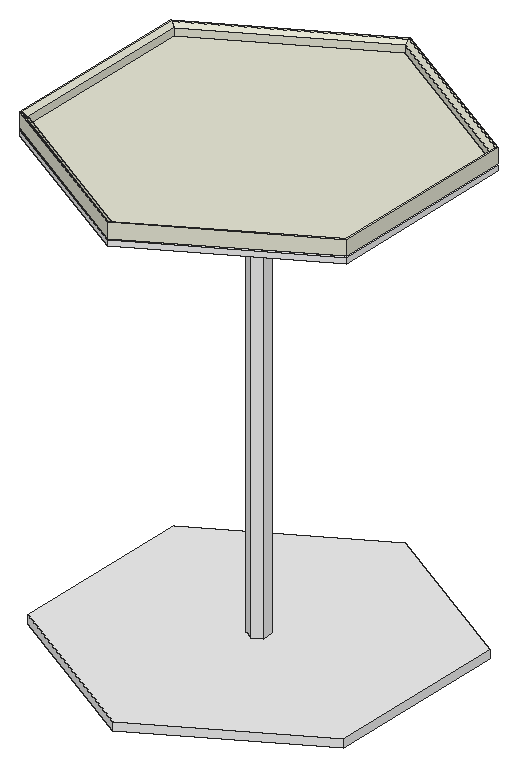
Revit family
Parameters (values of type "Tray Top (22")")
  Width = 1' - 6"  # constant formula
  URL = "http://elanbydecca.com/"
  Tray Top = yes
  Top [instance] = Furniture - DECCA (Elan) - Plateau - Tray Top
  Solid Top = no
  Base [instance] = Furniture - DECCA (Elan) - Plateau - Base
  Product URL = "http://elanbydecca.com/PDFs/elan_tearsheet-plateau.pdf"
  Model = "DG ST245"
  Manufacturer = "Decca Contract"
  Height = 1' - 10"
  Description = "Plateau Side Table"
  Depth = 1' - 4"  # constant formula
  Assembly Description = "Furniture & Accessories"
  Assembly Code = "E2020200"
Types (5): name | Tray Top | Solid Top | Model | Height
  (no name) | yes | no | "DG ST245" | 1' - 10"
  Tray Top (16") | yes | no | "DG ST240" | 1' - 4"
  Tray Top (22") | yes | no | "DG ST245" | 1' - 10"
  Solid Top (16") | no | yes | "DG ST240" | 1' - 4"
  Solid Top (22") | no | yes | "DG ST245" | 1' - 10"
Reference planes (in)
  plane 1 "Center Front/Back": y = -0.7524
  plane 2: z = 0
  plane 3 "Center Left/Right": x = 0
  plane 4 "L": x = -9
  plane 5 "R": x = 9
  plane 6 "F": y = -9.7524
  plane 7: y = 8.2476
  plane 8: through (-6.25338, 2.33237, 23.38953) normal (0.4297, -0.4297, 0.7941)
  plane 9: z = 22
  plane 10: x = -8
  plane 11: x = 8
  plane 12: y = 7.2476
  plane 13: y = -8.7524
  plane 14: z = 0.125
  plane 15: z = 0.5
  plane 16: z = 21
  plane 17: z = 21.23437
  plane 18 "TB": z = 21.3125
  plane 19: z = 21.46875
  plane 20: x = -8.91971
Forms (in)
  Extrusion 1, solid, material "Furniture - DECCA (Elan) - Plateau - Base" <- "Base"
    sketch origin (0, 0, 8.32075) x (0, -1, 0) y (1, 0, 0)
      loop
        line (-3.60925, -7.5546) -> (5.11405, -7.5546) -> (9.4757, 0) -> (5.11405, 7.5546) -> (-3.60925, 7.5546) -> (-7.9709, 0) -> (-3.60925, -7.5546)
    from -8.19575 to -7.82075
  Extrusion 2, solid, material "Furniture - DECCA (Elan) - Plateau - Base" <- "Base"
    sketch origin (0, 0, 8.32075) x (0, -1, 0) y (1, 0, 0)
      loop
        line (0.50634, -0.42619) -> (0.99846, -0.42619) -> (1.24453, 0) -> (0.99846, 0.42619) -> (0.50634, 0.42619) -> (0.26027, 0) -> (0.50634, -0.42619)
    from -7.82075 to 12.67925
  Extrusion 3, solid, material "Furniture - DECCA (Elan) - Plateau - Base" <- "Base"
    sketch origin (0, 0, 8.32075) x (0, -1, 0) y (1, 0, 0)
      loop
        line (-8.2476, 0) -> (-3.7476, -7.79423) -> (5.2524, -7.79423) -> (9.7524, 0) -> (5.2524, 7.79423) -> (-3.7476, 7.79423) -> (-8.2476, 0)
    from 12.67925 to 12.91363
  Extrusion 4, solid, material "Furniture - DECCA (Elan) - Plateau - Base" <- "Base"
    sketch origin (0, 0, 8.32075) x (0, -1, 0) y (1, 0, 0)
      loop
        line (-3.67543, -7.66923) -> (5.18023, -7.66923) -> (9.60806, 0) -> (5.18023, 7.66923) -> (-3.67543, 7.66923) -> (-8.10326, 0) -> (-3.67543, -7.66923)
    from 12.91363 to 12.99175
  Extrusion 5, solid, material "Furniture - DECCA (Elan) - Plateau - Base" <- "Base"
    sketch origin (0, 0, 8.32075) x (0, -1, 0) y (1, 0, 0)
      loop
        circle (-5.08892, 0) r 0.25
      loop
        circle (-2.16826, -5.05873) r 0.25
      loop
        circle (6.59372, 0) r 0.25
      loop
        circle (3.67306, -5.05873) r 0.25
      loop
        circle (-2.16826, 5.05873) r 0.25
      loop
        circle (3.67306, 5.05873) r 0.25
    from -8.32075 to -8.19575
  Extrusion 6, solid, material "Furniture - DECCA (Elan) - Plateau - Tray Top" <- "Top", visible <- "Solid Top"
    sketch origin (0, 0, 8.32075) x (0, -1, 0) y (1, 0, 0)
      loop
        line (-8.2476, 0) -> (-3.7476, -7.79423) -> (5.2524, -7.79423) -> (9.7524, 0) -> (5.2524, 7.79423) -> (-3.7476, 7.79423) -> (-8.2476, 0)
    from 12.99175 to 13.67925
  Sweep 7, solid, material "Furniture - DECCA (Elan) - Plateau - Tray Top" <- "Top", visible <- "Tray Top"
    path origin (0, 0, 21.3125) x (-1, 0, 0) y (0, -1, 0)
      loop
        line (0, -7.0929) -> (6.79423, -3.17025) -> (6.79423, 4.67505) -> (0, 8.5977) -> (-6.79423, 4.67505) -> (-6.79423, -3.17025) -> (0, -7.0929)
    profile origin (-3.39711, 5.13157, 21.3125) x (0.5, -0.866025, 0) y (0, 0, 1)
      loop
        line (-1, 0) -> (0, 0) -> (0, 0.15625) -> (-0.75, 0.15625) -> (-0.75, 0.5) -> (-0.9375, 0.6875) -> (-1, 0.6875) -> (-1, 0)
  Extrusion 8, solid, material "Furniture - DECCA (Elan) - Plateau - Tray Top" <- "Top", visible <- "Tray Top"
    sketch origin (0, 0, 21.3125) x (-1, 0, 0) y (0, -1, 0)
      loop
        line (0, -7.0929) -> (6.79423, -3.17025) -> (6.79423, 4.67505) -> (0, 8.5977) -> (-6.79423, 4.67505) -> (-6.79423, -3.17025) -> (0, -7.0929)
    from 0 to 0.15625
Cuts and joins
  joined: Extrusion 1, Extrusion 2, Extrusion 3, Extrusion 4, Extrusion 5
  joined: Sweep 7, Extrusion 8
Dimensions and locks (in)
  equal spacing: plane 4 "L", plane 3 "Center Left/Right", plane 5 "R"
  equal spacing: plane 7, plane 1 "Center Front/Back", plane 6 "F"
  "Height": plane 9 to level
  locked: plane 10 to plane 4 "L" at 1
  locked: plane 11 to plane 5 "R" at 1
  locked: plane 7 to plane 12 at 1
  locked: plane 13 to plane 6 "F" at 1
  plane 15 to plane 14 to level = 0' - 0 3/8" locked, 0' - 0 1/8" locked
  plane 9 to plane 18 "TB" to plane 17 to plane 16 = 0' - 0 11/16" locked, 0' - 0 5/64" locked, 0' - 0 15/64" locked
  locked: plane 19 to plane 18 "TB" at 0.15625
  aligned and locked: plane 14 to Extrusion 1
  aligned and locked: Extrusion 1 to plane 15
  aligned and locked: plane 15 to Extrusion 2
  aligned and locked: plane 17 to Extrusion 3
  aligned and locked: Extrusion 3 to plane 16
  aligned and locked: plane 16 to Extrusion 2
  aligned and locked: Extrusion 4 to plane 17
  aligned and locked: plane 18 "TB" to Extrusion 4
  aligned and locked: Extrusion 5 to level
  aligned and locked: Extrusion 5 to plane 14
  aligned and locked: plane 9 to Extrusion 6
  aligned and locked: Extrusion 6 to plane 18 "TB"
  aligned and locked: Extrusion 8 to plane 18 "TB"
  aligned and locked: plane 19 to Extrusion 8
Automatic sketch dimensions
  Sweep 7 sketch curve to plane 18 "TB" = 0' - 0"
  profile plane to Sweep 7 sketch curve = 0' - 1"
  plane 18 "TB" to Sweep 7 sketch curve = 0' - 0 5/32"
  Sweep 7 sketch curve to Sweep 7 sketch curve = 0' - 0 3/16"  (x2)
  Sweep 7 sketch curve to profile plane = 0' - 0"
  Sweep 7 sketch curve to Sweep 7 sketch curve = 0' - 0 11/32"
  Sweep 7 sketch curve to Sweep 7 sketch curve = 0' - 0 1/16"
  Extrusion 5 sketch curve to plane 3 "Center Left/Right" = 0' - 0"  (x2)
  Extrusion 5 sketch curve to plane 12 = 0' - 2.15868"
  Extrusion 5 sketch curve to plane 1 "Center Front/Back" = 0' - 2.92066"  (x2)
  plane 1 "Center Front/Back" to Extrusion 5 sketch curve = 0' - 2.92066"  (x2)
  Extrusion 5 sketch curve to plane 13 = 0' - 2.15868"
  plane 10 to Extrusion 5 sketch curve = 0' - 2.94127"  (x2)
  plane 11 to Extrusion 5 sketch curve = 0' - 2.94127"  (x2)
  Extrusion 2 sketch curve to plane 3 "Center Left/Right" = 0' - 0"  (x2)
  Extrusion 2 sketch curve to plane 1 "Center Front/Back" = 0' - 0.49213"
  Extrusion 2 sketch curve to plane 1 "Center Front/Back" = 0' - 0.24606"  (x2)
  plane 1 "Center Front/Back" to Extrusion 2 sketch curve = 0' - 0.24606"  (x2)
  Extrusion 2 sketch curve to Extrusion 2 sketch curve = 0' - 0.24606"
  Extrusion 2 sketch curve to plane 3 "Center Left/Right" = 0' - 0.42619"
  plane 3 "Center Left/Right" to Extrusion 2 sketch curve = 0' - 0.42619"
  Extrusion 4 sketch curve to plane 7 = 0' - 0.14434"
  Extrusion 4 sketch curve to plane 3 "Center Left/Right" = 0' - 0"  (x2)
  plane 6 "F" to Extrusion 4 sketch curve = 0' - 0.14434"
  plane 10 to Extrusion 4 sketch curve = 0' - 0.33077"
  Extrusion 4 sketch curve to plane 12 = 0' - 3.57217"  (x2)
  plane 11 to Extrusion 4 sketch curve = 0' - 0.33077"
  Extrusion 4 sketch curve to plane 13 = 0' - 3.57217"  (x2)
  Extrusion 8 sketch curve to plane 3 "Center Left/Right" = 0' - 0"  (x2)
  Extrusion 8 sketch curve to plane 7 = 0' - 1.1547"
  plane 6 "F" to Extrusion 8 sketch curve = 0' - 1.1547"
  plane 11 to Extrusion 8 sketch curve = 0' - 1.20577"
  plane 10 to Extrusion 8 sketch curve = 0' - 1.20577"
  Extrusion 8 sketch curve to plane 1 "Center Front/Back" = 0' - 3.92265"  (x2)
  plane 1 "Center Front/Back" to Extrusion 8 sketch curve = 0' - 3.92265"  (x2)
  Sweep 7 sketch curve to plane 3 "Center Left/Right" = 0' - 0"  (x2)
  plane 11 to Sweep 7 sketch curve = 0' - 1.20577"
  plane 10 to Sweep 7 sketch curve = 0' - 1.20577"
  Sweep 7 sketch curve to plane 12 = 0' - 0.1547"
  Sweep 7 sketch curve to plane 1 "Center Front/Back" = 0' - 3.92265"  (x2)
  plane 1 "Center Front/Back" to Sweep 7 sketch curve = 0' - 3.92265"  (x2)
  Sweep 7 sketch curve to plane 13 = 0' - 0.1547"
  radius of Extrusion 5 sketch curve = 0' - 0 1/4"  (x6)
